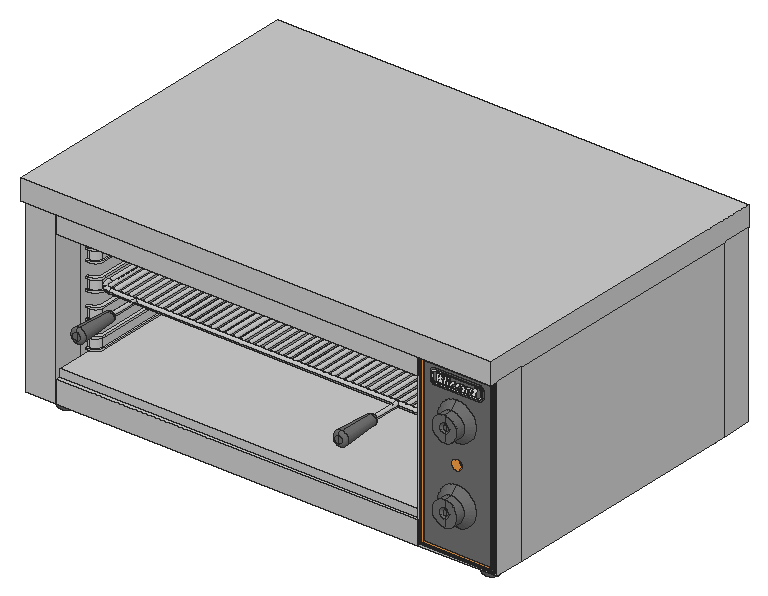
Revit family "QF_BLIZZARD_BSG1", category Specialty Equipment, Revit 2016
Family settings
  Part Type = Normal
  Round Connector Dimension = Use Diameter
  OmniClass Number = 23.40.40.14
  OmniClass Title = Food Service Equipment
  Work Plane-Based = No
  Always vertical = Yes
  Cut with Voids When Loaded = No
  Shared = No
  Room Calculation Point = No
Parameters (values of type "BSG1")
  URL = "www.blizzardequipment.com"
  Show Logo [instance] = yes
  Show Clearance [instance] = yes
  Model = "BSG1"
  Manufacturer = "BLIZZARD"
  Description = "2000W SALAMANDER GRILL"
  Assembly Code = "E1090320"
Reference planes
  plane 1 "Back": y = 0
  plane 2: z = 0
  plane 3 "Left": x = 0
  plane 4 "Right": x = 628
  plane 5 "Front": y = -430
  plane 6 "Top": z = 279
Forms (mm)
  Extrusion 1, solid
    sketch origin (249.225, -418.4, 107.074) x (1, 0, 0) y (0, 0, 1)
      loop
        line (281.606, 136.119) -> (281.606, -80.436) -> (370.775, -80.436) -> (370.775, 136.119) -> (281.606, 136.119)
      loop
        line (279.606, 138.119) -> (279.606, -82.436) -> (372.775, -82.436) -> (372.775, 138.119) -> (279.606, 138.119)
    from 0 to 2
  Revolve 2, solid
    sketch origin (575.415, 174.6, 118.966) x (0, 1, 0) y (0, 0, 1)
      loop
        line (-595, 92) -> (-603.953, 83.047) -> (-615.72, 83.047) -> (-615.72, 73.047) -> (-613.494, 70.821) -> (-613.494, 66.623) -> (-595, 66.623) -> (-595, 92)
      axis (-595, 66.623) -> (-615.72, 66.623)
    angle from 0 to 360
  Extrusion 3, solid, visible <- "Show Logo"
    sketch origin (518.057, -418.8, 86.299) x (1, 0, 0) y (0, 0, 1)
      loop
        arc (22.13, 139.05) -> (23.822, 134.965) -> (27.907, 133.273) r 5.777
        line (27.907, 133.273) -> (86.809, 133.273)
        arc (86.809, 133.273) -> (90.894, 134.965) -> (92.585, 139.05) r 5.777
        line (92.585, 139.05) -> (92.585, 147.215)
        arc (92.585, 147.215) -> (90.894, 151.299) -> (86.809, 152.991) r 5.777
        line (86.809, 152.991) -> (27.907, 152.991)
        arc (27.907, 152.991) -> (23.822, 151.299) -> (22.13, 147.215) r 5.777
        line (22.13, 147.215) -> (22.13, 139.05)
    from 0 to 2
  Extrusion 4, solid, visible <- "Show Logo"
    sketch origin (518.057, -419, 91.308) x (1, 0, 0) y (0, 0, 1)
      loop
        line (30.3, 133.137) -> (36.162, 133.137)
        arc (36.162, 133.137) -> (39.122, 134.994) -> (38.048, 138.319) r 2.844
        arc (38.048, 138.319) -> (38.838, 141.267) -> (36.338, 143.017) r 2.66
        line (36.338, 143.017) -> (31.338, 143.017) -> (30.3, 133.137)
      loop
        line (33.066, 135.126) -> (35.993, 135.126)
        arc (35.993, 135.126) -> (36.943, 136.076) -> (35.993, 137.026) r 0.95
        line (35.993, 137.026) -> (33.066, 137.026) -> (33.066, 135.126)
      loop
        line (33.528, 139.285) -> (36.147, 139.285)
        arc (36.147, 139.285) -> (36.994, 140.133) -> (36.147, 140.98) r 0.847
        line (36.147, 140.98) -> (33.528, 140.98) -> (33.528, 139.285)
      loop
        line (40.306, 133.137) -> (42.874, 133.137) -> (43.912, 143.017) -> (41.344, 143.017) -> (40.306, 133.137)
      loop
        line (45.174, 140.98) -> (47.749, 140.98) -> (47.964, 143.017) -> (45.389, 143.017) -> (45.174, 140.98)
      loop
        line (45.104, 140.313) -> (44.35, 133.137) -> (46.671, 133.137) -> (47.425, 140.313) -> (45.104, 140.313)
      loop
        line (48.314, 138.359) -> (51.196, 138.359) -> (47.765, 134.548) -> (47.765, 133.137) -> (54.184, 133.137) -> (54.393, 135.126) -> (51.213, 135.126) -> (54.657, 138.952) -> (54.657, 140.313) -> (48.519, 140.313) -> (48.314, 138.359)
      loop
        line (55.213, 138.359) -> (58.095, 138.359) -> (54.664, 134.548) -> (54.664, 133.137) -> (61.084, 133.137) -> (61.293, 135.126) -> (58.112, 135.126) -> (61.557, 138.952) -> (61.557, 140.313) -> (55.419, 140.313) -> (55.213, 138.359)
      loop
        arc (64.816, 137.983) -> (65.785, 138.952) -> (66.753, 137.983) r 0.969
        line (66.753, 137.983) -> (64.711, 137.436)
        arc (64.711, 137.436) -> (62.642, 134.297) -> (66.342, 133.633) r 2.251
        line (66.342, 133.633) -> (66.77, 132.921) -> (69.168, 132.921) -> (68.641, 134.052) -> (69.084, 138.274)
        arc (69.084, 138.274) -> (65.782, 140.567) -> (62.514, 138.225) r 3.488
        line (62.514, 138.225) -> (64.816, 137.983)
      loop
        line (69.848, 133.137) -> (72.232, 133.137) -> (72.59, 136.546)
        arc (72.59, 136.546) -> (73.413, 137.974) -> (75.025, 138.32) r 2.029
        line (75.025, 138.32) -> (75.83, 140.313)
        arc (75.83, 140.313) -> (74.279, 140.541) -> (72.927, 139.749) r 2.362
        line (72.927, 139.749) -> (72.927, 140.627) -> (70.635, 140.627) -> (69.848, 133.137)
      loop
        line (82.596, 133.137) -> (83.635, 143.017) -> (81.373, 143.017) -> (81.031, 139.764)
        arc (81.031, 139.764) -> (75.402, 137.124) -> (80.359, 133.372) r 3.631
        line (80.359, 133.372) -> (82.596, 133.137)
      loop
        spline (78.956, 134.82) -> (79.32, 134.851) -> (79.675, 135.016) -> (79.994, 135.304) -> (80.258, 135.695) -> (80.446, 136.164) -> (80.548, 136.677) -> (80.555, 137.2) -> (80.468, 137.697) -> (80.292, 138.134) -> (80.039, 138.483) -> (79.727, 138.718) -> (79.376, 138.823)
        spline (79.376, 138.823) -> (79.011, 138.793) -> (78.657, 138.628) -> (78.338, 138.34) -> (78.074, 137.948) -> (77.886, 137.48) -> (77.784, 136.967) -> (77.777, 136.444) -> (77.864, 135.947) -> (78.04, 135.509) -> (78.293, 135.161) -> (78.605, 134.926) -> (78.956, 134.82)
      loop
        line (66.385, 136.28) -> (64.729, 135.958)
        arc (64.729, 135.958) -> (64.361, 135.233) -> (65.042, 134.788) r 0.609
        arc (65.042, 134.788) -> (66.068, 135.215) -> (66.385, 136.28) r 1.295
      loop
        line (85.459, 146.184) -> (29.578, 146.184)
        arc (29.578, 146.184) -> (25.494, 144.492) -> (23.802, 140.407) r 5.777
        line (23.802, 140.407) -> (23.802, 135.662)
        arc (23.802, 135.662) -> (25.494, 131.578) -> (29.578, 129.886) r 5.777
        line (29.578, 129.886) -> (85.459, 129.886)
        arc (85.459, 129.886) -> (89.544, 131.578) -> (91.236, 135.662) r 5.777
        line (91.236, 135.662) -> (91.236, 140.407)
        arc (91.236, 140.407) -> (89.544, 144.492) -> (85.459, 146.184) r 5.777
      loop
        line (85.459, 145.184) -> (29.578, 145.184)
        arc (29.578, 145.184) -> (26.201, 143.785) -> (24.802, 140.407) r 4.777
        line (24.802, 140.407) -> (24.802, 135.662)
        arc (24.802, 135.662) -> (26.201, 132.285) -> (29.578, 130.886) r 4.777
        line (29.578, 130.886) -> (85.459, 130.886)
        arc (85.459, 130.886) -> (88.837, 132.285) -> (90.236, 135.662) r 4.777
        line (90.236, 135.662) -> (90.236, 140.407)
        arc (90.236, 140.407) -> (88.837, 143.785) -> (85.459, 145.184) r 4.777
    from 0 to 2
  Extrusion 5, solid
    sketch origin (522.732, -419.673, 382.241) x (0, 0, -1) y (1, 0, 0)
      loop
        circle (248.792, 52.683) r 6.466
    from -0.205 to 1.127
  Extrusion 6, solid
    sketch origin (506.725, -418, 159.711) x (1, 0, 0) y (0, 0, 1)
      loop
        line (18.106, 89.481) -> (18.106, -139.074) -> (119.275, -139.074) -> (119.275, 89.481) -> (18.106, 89.481)
    from 0 to 2
  Extrusion 7, solid
    sketch origin (249.225, -418.2, 107.074) x (1, 0, 0) y (0, 0, 1)
      loop
        line (277.606, 140.119) -> (277.606, -84.436) -> (374.775, -84.436) -> (374.775, 140.119) -> (277.606, 140.119)
    from 0 to 2
  Blend 8, solid
    base sketch origin (80.349, -383.214, 223.569) x (-1, 0, 0) y (0, -1, 0)
      loop
        circle (50.349, -353.214) r 10
    top sketch origin (80.349, -383.214, 0) x (-1, 0, 0) y (0, -1, 0)
      loop
        circle (50.349, -353.214) r 20
    from -223.569 to 18.638
  Extrusion 9, solid
    sketch origin (0, 0, 259) x (1, 0, 0) y (0, 1, 0)
      loop
        line (0, 0) -> (0, -430) -> (628, -430) -> (628, 0) -> (0, 0)
    from -7.807 to 20
  Extrusion 10, solid
    sketch origin (0, 10, 0) x (1, 0, 0) y (0, 1, 0)
      loop
        line (0, -430) -> (40, -430) -> (40, -390) -> (0, -390) -> (0, -430)
    from 18.638 to 251.193
  Extrusion 11, solid
    sketch origin (0, 390, 0) x (1, 0, 0) y (0, 1, 0)
      loop
        line (0, -430) -> (40, -430) -> (40, -390) -> (0, -390) -> (0, -430)
    from 18.638 to 251.193
  Extrusion 12, solid
    sketch origin (0, 350, 0) x (1, 0, 0) y (0, 1, 0)
      loop
        line (0, -730) -> (40, -730) -> (40, -390) -> (0, -390) -> (0, -730)
    from 18.638 to 251.193
  Extrusion 13, solid
    sketch origin (85, 10, 0) x (1, 0, 0) y (0, 1, 0)
      loop
        line (-45, -430) -> (437.83, -430) -> (437.83, -390) -> (-45, -390) -> (-45, -430)
    from 221.165 to 251.193
  Extrusion 14, solid
    sketch origin (543, 10, 0) x (1, 0, 0) y (0, 1, 0)
      loop
        line (-20.17, -430) -> (85, -430) -> (85, -390) -> (-20.17, -390) -> (-20.17, -430)
    from 18.638 to 251.193
  Extrusion 15, solid
    sketch origin (85, 0, -202.528) x (1, 0, 0) y (0, 1, 0)
      loop
        line (-45, -420) -> (437.83, -420) -> (437.83, -40) -> (-45, -40) -> (-45, -420)
    from 221.165 to 251.193
  Extrusion 16, solid
    sketch origin (85, 0, -172.5) x (1, 0, 0) y (0, 1, 0)
      loop
        line (-45, -415) -> (437.83, -415) -> (437.83, -40) -> (-45, -40) -> (-45, -415)
    from 221.165 to 231.137
  Extrusion 17, solid
    sketch origin (628, 350, 0) x (-1, 0, 0) y (0, -1, 0)
      loop
        line (0, 730) -> (0, 390) -> (105.17, 390) -> (105.17, 730) -> (0, 730)
    from 18.638 to 251.193
  Extrusion 18, solid
    sketch origin (85, 390, 0) x (1, 0, 0) y (0, 1, 0)
      loop
        line (-45, -430) -> (503, -430) -> (503, -390) -> (-45, -390) -> (-45, -430)
    from 18.638 to 251.193
  Blend 19, solid
    base sketch origin (547.651, -383.214, 223.569) x (1, 0, 0) y (0, 1, 0)
      loop
        circle (50.349, 353.214) r 10
    top sketch origin (547.651, -383.214, 0) x (1, 0, 0) y (0, 1, 0)
      loop
        circle (50.349, 353.214) r 20
    from -223.569 to 18.638
  Blend 20, solid
    base sketch origin (547.651, -36.786, 223.569) x (1, 0, 0) y (0, 1, 0)
      loop
        circle (50.349, -353.214) r 10
    top sketch origin (547.651, -36.786, 0) x (1, 0, 0) y (0, 1, 0)
      loop
        circle (50.349, -353.214) r 20
    from -223.569 to 18.638
  Blend 21, solid
    base sketch origin (80.349, -36.786, 223.569) x (-1, 0, 0) y (0, -1, 0)
      loop
        circle (50.349, 353.214) r 10
    top sketch origin (80.349, -36.786, 0) x (-1, 0, 0) y (0, -1, 0)
      loop
        circle (50.349, 353.214) r 20
    from -223.569 to 18.638
  Extrusion 22, solid
    sketch origin (628, 390, 0) x (-1, 0, 0) y (0, -1, 0)
      loop
        line (0, 430) -> (0, 390) -> (40, 390) -> (40, 430) -> (0, 430)
    from 18.638 to 251.193
  Revolve 23, solid
    sketch origin (575.415, 174.6, 150.864) x (0, 1, 0) y (0, 0, 1)
      loop
        line (-595, -92) -> (-595, -66.623) -> (-613.494, -66.623) -> (-613.494, -70.821) -> (-615.72, -73.047) -> (-615.72, -83.047) -> (-603.953, -83.047) -> (-595, -92)
      axis (-595, -66.623) -> (-615.72, -66.623)
    angle from 0 to 360
  Sweep 24, solid
    path origin (0, -7.852, 177.045) x (1, 0, 0) y (0, 1, 0)
      loop
        line (522.83, -360) -> (515.83, -360)
        arc (515.83, -360) -> (510.173, -357.657) -> (507.83, -352) r 8
        line (507.83, -352) -> (507.83, -68)
        arc (507.83, -68) -> (510.173, -62.343) -> (515.83, -60) r 8
        line (515.83, -60) -> (522.83, -60)
    profile origin (519.33, -367.852, 177.045) x (0, -1, 0) y (0, 0, 1)
      loop
        line (0, -8.5) -> (4.997, -8.5) -> (4.997, -6.574) -> (1.547, -6.574) -> (1.547, 6.574) -> (4.997, 6.574) -> (4.997, 8.5) -> (0, 8.5) -> (0, -8.5)
  Sweep 25, solid
    path origin (0, -7.852, 142.045) x (1, 0, 0) y (0, 1, 0)
      loop
        line (522.83, -360) -> (515.83, -360)
        arc (515.83, -360) -> (510.173, -357.657) -> (507.83, -352) r 8
        line (507.83, -352) -> (507.83, -68)
        arc (507.83, -68) -> (510.173, -62.343) -> (515.83, -60) r 8
        line (515.83, -60) -> (522.83, -60)
    profile origin (519.33, -367.852, 142.045) x (0, -1, 0) y (0, 0, 1)
      loop
        line (0, -8.5) -> (4.997, -8.5) -> (4.997, -6.574) -> (1.547, -6.574) -> (1.547, 6.574) -> (4.997, 6.574) -> (4.997, 8.5) -> (0, 8.5) -> (0, -8.5)
  Sweep 26, solid
    path origin (0, -7.852, 107.045) x (1, 0, 0) y (0, 1, 0)
      loop
        line (522.83, -360) -> (515.83, -360)
        arc (515.83, -360) -> (510.173, -357.657) -> (507.83, -352) r 8
        line (507.83, -352) -> (507.83, -68)
        arc (507.83, -68) -> (510.173, -62.343) -> (515.83, -60) r 8
        line (515.83, -60) -> (522.83, -60)
    profile origin (519.33, -367.852, 107.045) x (0, -1, 0) y (0, 0, 1)
      loop
        line (0, -8.5) -> (4.997, -8.5) -> (4.997, -6.574) -> (1.547, -6.574) -> (1.547, 6.574) -> (4.997, 6.574) -> (4.997, 8.5) -> (0, 8.5) -> (0, -8.5)
  Sweep 27, solid
    path origin (0, -7.852, 72.045) x (1, 0, 0) y (0, 1, 0)
      loop
        line (522.83, -360) -> (515.83, -360)
        arc (515.83, -360) -> (510.173, -357.657) -> (507.83, -352) r 8
        line (507.83, -352) -> (507.83, -68)
        arc (507.83, -68) -> (510.173, -62.343) -> (515.83, -60) r 8
        line (515.83, -60) -> (522.83, -60)
    profile origin (519.33, -367.852, 72.045) x (0, -1, 0) y (0, 0, 1)
      loop
        line (0, -8.5) -> (4.997, -8.5) -> (4.997, -6.574) -> (1.547, -6.574) -> (1.547, 6.574) -> (4.997, 6.574) -> (4.997, 8.5) -> (0, 8.5) -> (0, -8.5)
  Sweep 28, solid
    path origin (560.094, -7.852, 177.045) x (-1, 0, 0) y (0, -1, 0)
      loop
        line (522.83, 360) -> (515.83, 360)
        arc (515.83, 360) -> (510.173, 357.657) -> (507.83, 352) r 8
        line (507.83, 352) -> (507.83, 68)
        arc (507.83, 68) -> (510.173, 62.343) -> (515.83, 60) r 8
        line (515.83, 60) -> (522.83, 60)
    profile origin (40.764, -367.852, 177.045) x (0, 1, 0) y (0, 0, 1)
      loop
        line (0, -8.5) -> (0, 8.5) -> (-4.997, 8.5) -> (-4.997, 6.574) -> (-1.547, 6.574) -> (-1.547, -6.574) -> (-4.997, -6.574) -> (-4.997, -8.5) -> (0, -8.5)
  Sweep 29, solid
    path origin (560.094, -7.852, 142.045) x (-1, 0, 0) y (0, -1, 0)
      loop
        line (522.83, 360) -> (515.83, 360)
        arc (515.83, 360) -> (510.173, 357.657) -> (507.83, 352) r 8
        line (507.83, 352) -> (507.83, 68)
        arc (507.83, 68) -> (510.173, 62.343) -> (515.83, 60) r 8
        line (515.83, 60) -> (522.83, 60)
    profile origin (40.764, -367.852, 142.045) x (0, 1, 0) y (0, 0, 1)
      loop
        line (0, -8.5) -> (0, 8.5) -> (-4.997, 8.5) -> (-4.997, 6.574) -> (-1.547, 6.574) -> (-1.547, -6.574) -> (-4.997, -6.574) -> (-4.997, -8.5) -> (0, -8.5)
  Sweep 30, solid
    path origin (560.094, -7.852, 107.045) x (-1, 0, 0) y (0, -1, 0)
      loop
        line (522.83, 360) -> (515.83, 360)
        arc (515.83, 360) -> (510.173, 357.657) -> (507.83, 352) r 8
        line (507.83, 352) -> (507.83, 68)
        arc (507.83, 68) -> (510.173, 62.343) -> (515.83, 60) r 8
        line (515.83, 60) -> (522.83, 60)
    profile origin (40.764, -367.852, 107.045) x (0, 1, 0) y (0, 0, 1)
      loop
        line (0, -8.5) -> (0, 8.5) -> (-4.997, 8.5) -> (-4.997, 6.574) -> (-1.547, 6.574) -> (-1.547, -6.574) -> (-4.997, -6.574) -> (-4.997, -8.5) -> (0, -8.5)
  Sweep 31, solid
    path origin (560.094, -7.852, 72.045) x (-1, 0, 0) y (0, -1, 0)
      loop
        line (522.83, 360) -> (515.83, 360)
        arc (515.83, 360) -> (510.173, 357.657) -> (507.83, 352) r 8
        line (507.83, 352) -> (507.83, 68)
        arc (507.83, 68) -> (510.173, 62.343) -> (515.83, 60) r 8
        line (515.83, 60) -> (522.83, 60)
    profile origin (40.764, -367.852, 72.045) x (0, 1, 0) y (0, 0, 1)
      loop
        line (0, -8.5) -> (0, 8.5) -> (-4.997, 8.5) -> (-4.997, 6.574) -> (-1.547, 6.574) -> (-1.547, -6.574) -> (-4.997, -6.574) -> (-4.997, -8.5) -> (0, -8.5)
  Sweep 32, solid
    path origin (0, 0, 142) x (1, 0, 0) y (0, 1, 0)
      loop
        arc (73, -66.662) -> (62.393, -71.056) -> (58, -81.662) r 15
        line (58, -81.662) -> (58, -354.042)
        arc (58, -354.042) -> (62.393, -364.649) -> (73, -369.042) r 15
        line (73, -369.042) -> (489.83, -369.042)
        arc (489.83, -369.042) -> (500.437, -364.649) -> (504.83, -354.042) r 15
        line (504.83, -354.042) -> (504.83, -81.662)
        arc (504.83, -81.662) -> (500.437, -71.056) -> (489.83, -66.662) r 15
        line (489.83, -66.662) -> (73, -66.662)
    profile origin (281.415, -66.662, 142) x (0, 1, 0) y (0, 0, 1)
      loop
        circle (0, 0) r 2.995
  Extrusion 33, solid
    sketch origin (3.546, 0, 0) x (1, 0, 0) y (0, 0, 1)
      loop
        circle (61.411, 142.03) r 2.81
    from 76.973 to 367.852
  Extrusion 34, solid
    sketch origin (13.546, 0, 0) x (1, 0, 0) y (0, 0, 1)
      loop
        circle (61.411, 142.03) r 2.81
    from 76.973 to 367.852
  Extrusion 35, solid
    sketch origin (23.546, 0, 0) x (1, 0, 0) y (0, 0, 1)
      loop
        circle (61.411, 142.03) r 2.81
    from 76.973 to 367.852
  Extrusion 36, solid
    sketch origin (33.546, 0, 0) x (1, 0, 0) y (0, 0, 1)
      loop
        circle (61.411, 142.03) r 2.81
    from 76.973 to 367.852
  Extrusion 37, solid
    sketch origin (43.546, 0, 0) x (1, 0, 0) y (0, 0, 1)
      loop
        circle (61.411, 142.03) r 2.81
    from 76.973 to 367.852
  Extrusion 38, solid
    sketch origin (53.546, 0, 0) x (1, 0, 0) y (0, 0, 1)
      loop
        circle (61.411, 142.03) r 2.81
    from 76.973 to 367.852
  Extrusion 39, solid
    sketch origin (63.546, 0, 0) x (1, 0, 0) y (0, 0, 1)
      loop
        circle (61.411, 142.03) r 2.81
    from 76.973 to 367.852
  Extrusion 40, solid
    sketch origin (73.546, 0, 0) x (1, 0, 0) y (0, 0, 1)
      loop
        circle (61.411, 142.03) r 2.81
    from 76.973 to 367.852
  Extrusion 41, solid
    sketch origin (83.546, 0, 0) x (1, 0, 0) y (0, 0, 1)
      loop
        circle (61.411, 142.03) r 2.81
    from 76.973 to 367.852
  Extrusion 42, solid
    sketch origin (93.546, 0, 0) x (1, 0, 0) y (0, 0, 1)
      loop
        circle (61.411, 142.03) r 2.81
    from 76.973 to 367.852
  Extrusion 43, solid
    sketch origin (103.546, 0, 0) x (1, 0, 0) y (0, 0, 1)
      loop
        circle (61.411, 142.03) r 2.81
    from 76.973 to 367.852
  Extrusion 44, solid
    sketch origin (113.546, 0, 0) x (1, 0, 0) y (0, 0, 1)
      loop
        circle (61.411, 142.03) r 2.81
    from 76.973 to 367.852
  Extrusion 45, solid
    sketch origin (123.546, 0, 0) x (1, 0, 0) y (0, 0, 1)
      loop
        circle (61.411, 142.03) r 2.81
    from 76.973 to 367.852
  Extrusion 46, solid
    sketch origin (133.546, 0, 0) x (1, 0, 0) y (0, 0, 1)
      loop
        circle (61.411, 142.03) r 2.81
    from 76.973 to 367.852
  Extrusion 47, solid
    sketch origin (143.546, 0, 0) x (1, 0, 0) y (0, 0, 1)
      loop
        circle (61.411, 142.03) r 2.81
    from 76.973 to 367.852
  Extrusion 48, solid
    sketch origin (153.546, 0, 0) x (1, 0, 0) y (0, 0, 1)
      loop
        circle (61.411, 142.03) r 2.81
    from 76.973 to 367.852
  Extrusion 49, solid
    sketch origin (163.546, 0, 0) x (1, 0, 0) y (0, 0, 1)
      loop
        circle (61.411, 142.03) r 2.81
    from 76.973 to 367.852
  Extrusion 50, solid
    sketch origin (173.546, 0, 0) x (1, 0, 0) y (0, 0, 1)
      loop
        circle (61.411, 142.03) r 2.81
    from 76.973 to 367.852
  Extrusion 51, solid
    sketch origin (183.546, 0, 0) x (1, 0, 0) y (0, 0, 1)
      loop
        circle (61.411, 142.03) r 2.81
    from 76.973 to 367.852
  Extrusion 52, solid
    sketch origin (193.546, 0, 0) x (1, 0, 0) y (0, 0, 1)
      loop
        circle (61.411, 142.03) r 2.81
    from 76.973 to 367.852
  Extrusion 53, solid
    sketch origin (203.546, 0, 0) x (1, 0, 0) y (0, 0, 1)
      loop
        circle (61.411, 142.03) r 2.81
    from 76.973 to 367.852
  Extrusion 54, solid
    sketch origin (213.546, 0, 0) x (1, 0, 0) y (0, 0, 1)
      loop
        circle (61.411, 142.03) r 2.81
    from 76.973 to 367.852
  Extrusion 55, solid
    sketch origin (223.546, 0, 0) x (1, 0, 0) y (0, 0, 1)
      loop
        circle (61.411, 142.03) r 2.81
    from 76.973 to 367.852
  Extrusion 56, solid
    sketch origin (233.546, 0, 0) x (1, 0, 0) y (0, 0, 1)
      loop
        circle (61.411, 142.03) r 2.81
    from 76.973 to 367.852
  Extrusion 57, solid
    sketch origin (243.546, 0, 0) x (1, 0, 0) y (0, 0, 1)
      loop
        circle (61.411, 142.03) r 2.81
    from 76.973 to 367.852
  Extrusion 58, solid
    sketch origin (253.546, 0, 0) x (1, 0, 0) y (0, 0, 1)
      loop
        circle (61.411, 142.03) r 2.81
    from 76.973 to 367.852
  Extrusion 59, solid
    sketch origin (263.546, 0, 0) x (1, 0, 0) y (0, 0, 1)
      loop
        circle (61.411, 142.03) r 2.81
    from 76.973 to 367.852
  Extrusion 60, solid
    sketch origin (273.546, 0, 0) x (1, 0, 0) y (0, 0, 1)
      loop
        circle (61.411, 142.03) r 2.81
    from 76.973 to 367.852
  Extrusion 61, solid
    sketch origin (283.546, 0, 0) x (1, 0, 0) y (0, 0, 1)
      loop
        circle (61.411, 142.03) r 2.81
    from 76.973 to 367.852
  Extrusion 62, solid
    sketch origin (293.546, 0, 0) x (1, 0, 0) y (0, 0, 1)
      loop
        circle (61.411, 142.03) r 2.81
    from 76.973 to 367.852
  Extrusion 63, solid
    sketch origin (303.546, 0, 0) x (1, 0, 0) y (0, 0, 1)
      loop
        circle (61.411, 142.03) r 2.81
    from 76.973 to 367.852
  Extrusion 64, solid
    sketch origin (313.546, 0, 0) x (1, 0, 0) y (0, 0, 1)
      loop
        circle (61.411, 142.03) r 2.81
    from 76.973 to 367.852
  Extrusion 65, solid
    sketch origin (323.546, 0, 0) x (1, 0, 0) y (0, 0, 1)
      loop
        circle (61.411, 142.03) r 2.81
    from 76.973 to 367.852
  Extrusion 66, solid
    sketch origin (333.546, 0, 0) x (1, 0, 0) y (0, 0, 1)
      loop
        circle (61.411, 142.03) r 2.81
    from 76.973 to 367.852
  Extrusion 67, solid
    sketch origin (343.546, 0, 0) x (1, 0, 0) y (0, 0, 1)
      loop
        circle (61.411, 142.03) r 2.81
    from 76.973 to 367.852
  Extrusion 68, solid
    sketch origin (353.546, 0, 0) x (1, 0, 0) y (0, 0, 1)
      loop
        circle (61.411, 142.03) r 2.81
    from 76.973 to 367.852
  Extrusion 69, solid
    sketch origin (363.546, 0, 0) x (1, 0, 0) y (0, 0, 1)
      loop
        circle (61.411, 142.03) r 2.81
    from 76.973 to 367.852
  Extrusion 70, solid
    sketch origin (373.546, 0, 0) x (1, 0, 0) y (0, 0, 1)
      loop
        circle (61.411, 142.03) r 2.81
    from 76.973 to 367.852
  Extrusion 71, solid
    sketch origin (383.546, 0, 0) x (1, 0, 0) y (0, 0, 1)
      loop
        circle (61.411, 142.03) r 2.81
    from 76.973 to 367.852
  Extrusion 72, solid
    sketch origin (393.546, 0, 0) x (1, 0, 0) y (0, 0, 1)
      loop
        circle (61.411, 142.03) r 2.81
    from 76.973 to 367.852
  Extrusion 73, solid
    sketch origin (403.546, 0, 0) x (1, 0, 0) y (0, 0, 1)
      loop
        circle (61.411, 142.03) r 2.81
    from 76.973 to 367.852
  Extrusion 74, solid
    sketch origin (413.546, 0, 0) x (1, 0, 0) y (0, 0, 1)
      loop
        circle (61.411, 142.03) r 2.81
    from 76.973 to 367.852
  Extrusion 75, solid
    sketch origin (423.546, 0, 0) x (1, 0, 0) y (0, 0, 1)
      loop
        circle (61.411, 142.03) r 2.81
    from 76.973 to 367.852
  Extrusion 76, solid
    sketch origin (433.546, 0, 0) x (1, 0, 0) y (0, 0, 1)
      loop
        circle (61.411, 142.03) r 2.81
    from 76.973 to 367.852
  Extrusion 77, solid
    sketch origin (43.546, -292.426, 0) x (1, 0, 0) y (0, 0, 1)
      loop
        circle (61.411, 142.03) r 2.81
    from 76.973 to 127.574
  Revolve 78, solid
    sketch origin (105, 86.465, 0) x (0, 1, 0) y (0, 0, 1)
      loop
        line (-495, 142.03) -> (-495, 143.691)
        arc (-495, 143.691) -> (-496.373, 147.133) -> (-499.738, 148.685) r 5
        line (-499.738, 148.685) -> (-549.572, 151.296)
        arc (-549.572, 151.296) -> (-552.431, 150.242) -> (-553.634, 147.442) r 3.86
        line (-553.634, 147.442) -> (-553.634, 142.03) -> (-495, 142.03)
      axis (-553.634, 142.03) -> (-495, 142.03)
    angle from 0 to 360
  Extrusion 79, solid
    sketch origin (516.548, -292.426, 0) x (-1, 0, 0) y (0, 0, -1)
      loop
        circle (61.411, -142.03) r 2.81
    from 76.973 to 127.574
  Revolve 80, solid
    sketch origin (455.094, 86.465, 0) x (0, 1, 0) y (0, 0, -1)
      loop
        line (-495, -142.03) -> (-553.634, -142.03) -> (-553.634, -147.442)
        arc (-553.634, -147.442) -> (-552.431, -150.242) -> (-549.572, -151.296) r 3.86
        line (-549.572, -151.296) -> (-499.738, -148.685)
        arc (-499.738, -148.685) -> (-496.373, -147.133) -> (-495, -143.691) r 5
        line (-495, -143.691) -> (-495, -142.03)
      axis (-553.634, -142.03) -> (-495, -142.03)
    angle from 0 to 360
Lines and regions (mm)
  reference lines
    curve 1: line (0, -183.475, 1485) -> (0, -697.791, 1021.908)
  symbolic lines, style "200-EquipBorder-2D"
    curve 2: line (0, 0, 0) -> (628, 0, 0)
    curve 3: line (0, -430, 0) -> (0, 0, 0)
    curve 4: line (628, -430, 0) -> (0, -430, 0)
    curve 5: line (628, 0, 0) -> (628, -430, 0)
    curve 6: line (97.305, -430, 0) -> (95.748, -462.8, 0)
    curve 7: arc (95.748, -462.8, 0) -> (96.778, -465.767, 0) -> (99.573, -467.2, 0) r 4.218
    curve 8: arc (114.167, -462.8, 0) -> (113.137, -465.767, 0) -> (110.342, -467.2, 0) r 4.218
    curve 9: line (112.61, -430, 0) -> (114.167, -462.8, 0)
    curve 10: line (99.573, -467.2, 0) -> (110.342, -467.2, 0)
    curve 11: line (462.65, -430, 0) -> (464.207, -462.8, 0)
    curve 12: arc (464.207, -462.8, 0) -> (463.177, -465.767, 0) -> (460.382, -467.2, 0) r 4.218
    curve 13: arc (445.788, -462.8, 0) -> (446.818, -465.767, 0) -> (449.613, -467.2, 0) r 4.218
    curve 14: line (447.345, -430, 0) -> (445.788, -462.8, 0)
    curve 15: line (460.382, -467.2, 0) -> (449.613, -467.2, 0)
    curve 16: line (558.991, -430, 0) -> (558.991, -441.12, 0)
    curve 17: line (558.991, -441.12, 0) -> (591.839, -441.12, 0)
    curve 18: line (591.839, -441.12, 0) -> (591.839, -430, 0)
Dimensions and locks
  plane 3 "Left" to plane 4 "Right" = 628 mm
  plane 5 "Front" to plane 1 "Back" = 430 mm
  plane 1 "Back" to plane 5 "Front" = 430 mm
  plane 4 "Right" to plane 3 "Left" = 628 mm
  plane 6 "Top" to level = 279 mm  (x2)
  aligned and locked: level to plane 2
